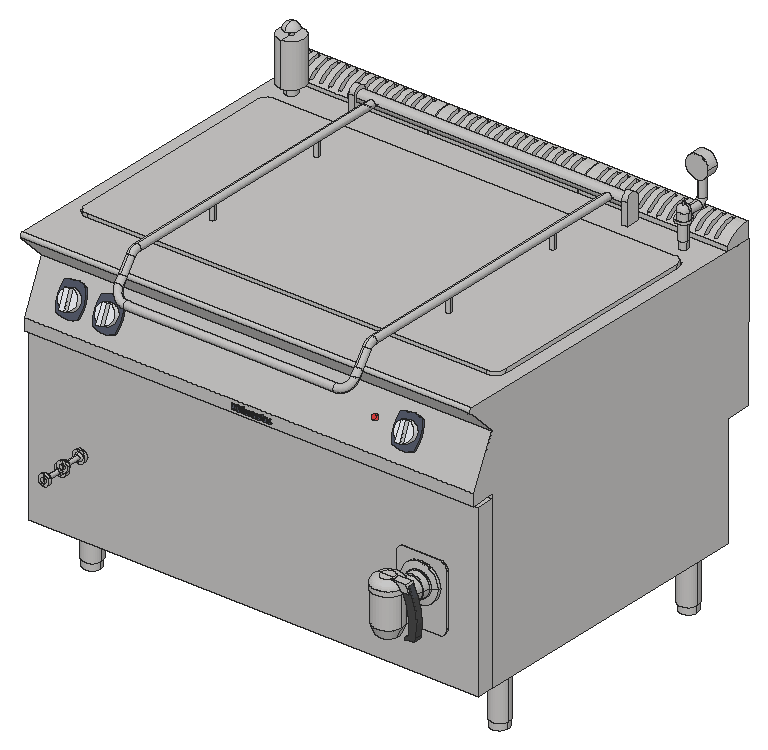
Revit family "QF_ELECTROLUXPROFESSIONAL_391123_E9BSELIUFE", category Specialty Equipment, Revit 2018 (continued)
Lines and regions (mm)
  symbolic lines
    curve 264: arc (1139, -115, 0) -> (1136.313, -104.986, 0) -> (1128.973, -97.664, 0) r 20
    curve 265: arc (1099, -115, 0) -> (1119, -135, 0) -> (1139, -115, 0) r 20
    curve 266: arc (1104, -115, 0) -> (1119, -130, 0) -> (1134, -115, 0) r 15
    curve 267: arc (1134, -115, 0) -> (1119, -100, 0) -> (1104, -115, 0) r 15
    curve 268: line (1089, -40.421, 0) -> (1149, -40.421, 0)
    curve 269: line (1149, -40.421, 0) -> (1149, -69.85, 0)
    curve 270: line (1089, -40.421, 0) -> (1089, -69.85, 0)
    curve 271: line (1109.027, -103.795, 0) -> (1109.027, -69.85, 0)
    curve 272: line (1128.973, -103.795, 0) -> (1128.973, -69.85, 0)
    curve 273: arc (1109.027, -97.664, 0) -> (1101.687, -104.986, 0) -> (1099, -115, 0) r 20
    curve 274: line (294.29, -158.49, 0) -> (905.71, -158.49, 0)
    curve 275: line (275.29, -162.49, 0) -> (66.71, -162.49, 0)
    curve 276: line (905.71, -162.49, 0) -> (294.29, -162.49, 0)
    curve 277: line (924.71, -158.49, 0) -> (1133.29, -158.49, 0)
Dimensions and locks
  equal spacing: plane 3 "LEFT", plane 7 "Center Y", plane 4 "RIGHT"
  "Width": plane 3 "LEFT" to plane 4 "RIGHT"
  equal spacing: plane 5 "FRONT", plane 8 "Center X", plane 1 "BACK"
  "Depth": plane 5 "FRONT" to plane 1 "BACK"
  "Height": plane 6 "TOP" to level
  plane 9 to level = 1734.89 mm  (x2)
  plane 10 to level = 150.0 mm
  plane 1 "BACK" to plane 11 = 130.0 mm
  plane 11 to plane 12 = 630.0 mm
  plane 1 "BACK" to Extrusion 1 = 900.0 mm
  plane 1 "BACK" to plane 13 = 1015.0 mm
  plane 14 to plane 3 "LEFT" = 56.0 mm
  plane 15 to plane 4 "RIGHT" = 56.0 mm
  Revolve 15 to level = 300.0 mm
  Extrusion 41 sketch curve to plane 1 "BACK" = 804.3 mm
  Extrusion 41 sketch curve to plane 4 "RIGHT" = 140.0 mm
  Extrusion 42 sketch curve to plane 1 "BACK" = 704.3 mm
  plane 3 "LEFT" to Extrusion 42 sketch curve = 100.0 mm
  Extrusion 42 sketch curve to plane 1 "BACK" = 804.3 mm
  plane 3 "LEFT" to Extrusion 42 sketch curve = 160.0 mm
  Extrusion 42 to plane 1 "BACK" = 704.3 mm
  Extrusion 42 to plane 1 "BACK" = 804.3 mm
  Extrusion 41 to plane 1 "BACK" = 804.3 mm
  plane 3 "LEFT" to plane 17 = 100.0 mm
  plane 3 "LEFT" to plane 18 = 160.0 mm
  plane 16 to plane 4 "RIGHT" = 140.0 mm
  Extrusion 42 sketch curve to plane 1 "BACK" = 734.3 mm
  plane 3 "LEFT" to Extrusion 42 sketch curve = 140.0 mm
  Extrusion 42 to plane 1 "BACK" = 734.3 mm
  plane 3 "LEFT" to plane 19 = 140.0 mm
  aligned and locked: level to plane 2
  aligned and locked: Extrusion 1 to plane 4 "RIGHT"
Automatic sketch dimensions
  Extrusion 1 sketch curve to plane 6 "TOP" = 0.0 mm
  Extrusion 1 sketch curve to plane 10 = 0.0 mm  (x2)
  Extrusion 1 sketch curve to plane 1 "BACK" = 0.0 mm
  plane 11 to Extrusion 1 sketch curve = 60.0 mm
  Extrusion 1 sketch curve to plane 5 "FRONT" = 78.431 mm
  Extrusion 1 sketch curve to Extrusion 1 sketch curve = 3.175 mm  (x2)
  Extrusion 1 sketch curve to Extrusion 1 sketch curve = 0.442 mm
  Extrusion 1 sketch curve to plane 5 "FRONT" = 72.387 mm
  Extrusion 1 sketch curve to plane 5 "FRONT" = 30.0 mm
  Extrusion 1 sketch curve to plane 5 "FRONT" = 14.69 mm
  Extrusion 1 sketch curve to plane 5 "FRONT" = 7.658 mm
  Extrusion 1 sketch curve to plane 5 "FRONT" = 2.243 mm
  Extrusion 1 sketch curve to Extrusion 1 sketch curve = 299.0 mm
  Extrusion 1 sketch curve to plane 6 "TOP" = 247.929 mm
  Extrusion 1 sketch curve to Extrusion 1 sketch curve = 8.058 mm
  Extrusion 1 sketch curve to Extrusion 1 sketch curve = 9.61 mm
  Extrusion 1 sketch curve to Extrusion 1 sketch curve = 31.298 mm
  Extrusion 1 sketch curve to plane 6 "TOP" = 83.217 mm
  Extrusion 1 sketch curve to plane 6 "TOP" = 13.073 mm
  Revolve 2 sketch curve to plane 10 = 0.0 mm  (x2)
  Revolve 2 sketch curve to level = 0.0 mm
  Revolve 2 sketch curve to plane 14 = 0.0 mm  (x2)
  Revolve 2 sketch curve to plane 14 = 22.9 mm
  Revolve 2 sketch curve to Revolve 2 sketch curve = 2.5 mm
  level to Revolve 2 sketch curve = 19.05 mm
  plane 10 to Revolve 2 sketch curve = 20.0 mm
  Revolve 3 sketch curve to plane 10 = 0.0 mm  (x2)
  Revolve 3 sketch curve to level = 0.0 mm
  Revolve 3 sketch curve to plane 14 = 0.0 mm  (x2)
  Revolve 3 sketch curve to plane 14 = 22.9 mm
  Revolve 3 sketch curve to Revolve 3 sketch curve = 2.5 mm
  level to Revolve 3 sketch curve = 19.05 mm
  plane 10 to Revolve 3 sketch curve = 20.0 mm
  Revolve 4 sketch curve to plane 10 = 0.0 mm  (x2)
  Revolve 4 sketch curve to level = 0.0 mm
  plane 15 to Revolve 4 sketch curve = 0.0 mm  (x2)
  Revolve 4 sketch curve to plane 15 = 22.9 mm
  Revolve 4 sketch curve to Revolve 4 sketch curve = 2.5 mm
  Revolve 4 sketch curve to Revolve 4 sketch curve = 20.0 mm
  level to Revolve 4 sketch curve = 19.05 mm
  Revolve 5 sketch curve to plane 10 = 0.0 mm  (x2)
  Revolve 5 sketch curve to level = 0.0 mm
  plane 15 to Revolve 5 sketch curve = 0.0 mm  (x2)
  Revolve 5 sketch curve to plane 15 = 22.9 mm
  Revolve 5 sketch curve to Revolve 5 sketch curve = 2.5 mm
  Revolve 5 sketch curve to Revolve 5 sketch curve = 20.0 mm
  level to Revolve 5 sketch curve = 19.05 mm
  Extrusion 6 sketch curve to plane 6 "TOP" = 0.0 mm
  Extrusion 6 sketch curve to plane 1 "BACK" = 0.0 mm
  plane 1 "BACK" to Extrusion 6 sketch curve = 4.947 mm
  plane 6 "TOP" to Extrusion 6 sketch curve = 10.4 mm
  plane 11 to Extrusion 6 sketch curve = 60.15 mm
  Extrusion 6 sketch curve to plane 6 "TOP" = 39.807 mm
  plane 1 "BACK" to Extrusion 7 sketch curve = 6.761 mm  (x14)
  Extrusion 7 sketch curve to Extrusion 7 sketch curve = 57.15 mm
  Extrusion 7 sketch curve to Extrusion 7 sketch curve = 0.0 mm  (x13)
  Extrusion 7 sketch curve to Extrusion 7 sketch curve = 16.193 mm  (x13)
  Extrusion 7 sketch curve to Extrusion 7 sketch curve = 9.296 mm  (x13)
  plane 14 to Extrusion 7 sketch curve = 8.487 mm
  Extrusion 7 sketch curve to plane 14 = 0.809 mm
  Extrusion 8 sketch curve to Extrusion 8 sketch curve = 0.0 mm  (x6)
  plane 14 to Extrusion 8 sketch curve = 16.596 mm
  Extrusion 8 sketch curve to Extrusion 8 sketch curve = 12.3 mm  (x9)
  Extrusion 8 sketch curve to Extrusion 8 sketch curve = 34.925 mm  (x5)
  Extrusion 8 sketch curve to plane 14 = 9.131 mm
  Extrusion 8 sketch curve to Extrusion 8 sketch curve = 46.691 mm  (x3)
  plane 14 to Extrusion 8 sketch curve = 17.214 mm
  Extrusion 8 sketch curve to Extrusion 8 sketch curve = 25.727 mm  (x2)
  Extrusion 8 sketch curve to Extrusion 8 sketch curve = 29.185 mm  (x2)
  Extrusion 8 sketch curve to Extrusion 8 sketch curve = 25.114 mm
  Extrusion 8 sketch curve to Extrusion 8 sketch curve = 15.898 mm
  Extrusion 9 sketch curve to Extrusion 9 sketch curve = 0.0 mm  (x2)
  Extrusion 9 sketch curve to Extrusion 9 sketch curve = 99.33 mm
  Extrusion 10 sketch curve to Extrusion 10 sketch curve = 24.732 mm  (x3)
  Extrusion 10 sketch curve to Extrusion 10 sketch curve = 0.0 mm  (x3)
  plane 7 "Center Y" to Extrusion 11 sketch curve = 312.108 mm
  Split face 1 sketch curve to Split face 1 sketch curve = 5.221 mm
  Split face 1 sketch curve to Split face 1 sketch curve = 11.424 mm
  Split face 1 sketch curve to Split face 1 sketch curve = 20.127 mm
  Split face 1 sketch curve to Split face 1 sketch curve = 0.0 mm  (x2)
  Split face 1 sketch curve to Split face 1 sketch curve = 0.581 mm
  Split face 1 sketch curve to Split face 1 sketch curve = 0.679 mm
  Split face 1 sketch curve to Split face 1 sketch curve = 15.469 mm
  Split face 2 sketch curve to Split face 2 sketch curve = 5.221 mm
  Split face 2 sketch curve to Split face 2 sketch curve = 11.424 mm
  Split face 2 sketch curve to Split face 2 sketch curve = 20.127 mm
  Split face 2 sketch curve to Split face 2 sketch curve = 0.0 mm  (x2)
  Split face 2 sketch curve to Split face 2 sketch curve = 0.581 mm
  Split face 2 sketch curve to Split face 2 sketch curve = 0.679 mm
  Split face 2 sketch curve to Split face 2 sketch curve = 15.469 mm
  plane 7 "Center Y" to Extrusion 12 sketch curve = 26.292 mm
  Extrusion 12 sketch curve to plane 6 "TOP" = 237.067 mm
  Extrusion 12 sketch curve to plane 7 "Center Y" = 8.807 mm
  Extrusion 12 sketch curve to Extrusion 12 sketch curve = 5.041 mm
  Extrusion 12 sketch curve to Extrusion 12 sketch curve = 5.06 mm
  plane 7 "Center Y" to Extrusion 12 sketch curve = 0.301 mm
  Extrusion 12 sketch curve to Extrusion 12 sketch curve = 0.0 mm  (x28)
  Extrusion 12 sketch curve to Extrusion 12 sketch curve = 5.108 mm  (x2)
  Extrusion 12 sketch curve to Extrusion 12 sketch curve = 0.054 mm
  Extrusion 12 sketch curve to Extrusion 12 sketch curve = 0.218 mm
  Extrusion 12 sketch curve to Extrusion 12 sketch curve = 0.195 mm
  Extrusion 12 sketch curve to Extrusion 12 sketch curve = 0.249 mm
  Extrusion 12 sketch curve to Extrusion 12 sketch curve = 0.316 mm
  Extrusion 12 sketch curve to Extrusion 12 sketch curve = 0.087 mm
  Extrusion 12 sketch curve to Extrusion 12 sketch curve = 0.358 mm
  Extrusion 12 sketch curve to Extrusion 12 sketch curve = 0.481 mm
  Extrusion 12 sketch curve to Extrusion 12 sketch curve = 0.597 mm
  Extrusion 12 sketch curve to Extrusion 12 sketch curve = 0.544 mm
  Extrusion 12 sketch curve to Extrusion 12 sketch curve = 0.936 mm
  Extrusion 12 sketch curve to Extrusion 12 sketch curve = 0.594 mm
  Extrusion 12 sketch curve to Extrusion 12 sketch curve = 0.343 mm
  Extrusion 12 sketch curve to Extrusion 12 sketch curve = 0.159 mm
  Extrusion 12 sketch curve to Extrusion 12 sketch curve = 0.826 mm
  Extrusion 12 sketch curve to Extrusion 12 sketch curve = 0.839 mm
  Extrusion 12 sketch curve to Extrusion 12 sketch curve = 0.852 mm
  Extrusion 12 sketch curve to Extrusion 12 sketch curve = 0.887 mm
  Extrusion 12 sketch curve to Extrusion 12 sketch curve = 0.928 mm
  Extrusion 12 sketch curve to Extrusion 12 sketch curve = 0.938 mm
  Extrusion 12 sketch curve to Extrusion 12 sketch curve = 0.444 mm
  Extrusion 12 sketch curve to Extrusion 12 sketch curve = 1.11 mm  (x3)
  plane 7 "Center Y" to Extrusion 12 sketch curve = 48.726 mm
  Extrusion 12 sketch curve to Extrusion 12 sketch curve = 0.215 mm
  Extrusion 12 sketch curve to Extrusion 12 sketch curve = 1.43 mm
  Extrusion 12 sketch curve to Extrusion 12 sketch curve = 1.188 mm
  Extrusion 12 sketch curve to Extrusion 12 sketch curve = 1.21 mm  (x2)
  Extrusion 12 sketch curve to Extrusion 12 sketch curve = 0.503 mm
  plane 7 "Center Y" to Extrusion 12 sketch curve = 53.995 mm
  Extrusion 12 sketch curve to Extrusion 12 sketch curve = 0.488 mm
  plane 7 "Center Y" to Extrusion 12 sketch curve = 57.922 mm
  Extrusion 12 sketch curve to Extrusion 12 sketch curve = 0.462 mm
  Extrusion 12 sketch curve to Extrusion 12 sketch curve = 1.386 mm
  Extrusion 12 sketch curve to Extrusion 12 sketch curve = 1.742 mm
  Extrusion 12 sketch curve to Extrusion 12 sketch curve = 0.821 mm
  Extrusion 12 sketch curve to Extrusion 12 sketch curve = 0.497 mm
  Extrusion 12 sketch curve to Extrusion 12 sketch curve = 0.539 mm
  Extrusion 12 sketch curve to Extrusion 12 sketch curve = 0.686 mm
  Extrusion 12 sketch curve to Extrusion 12 sketch curve = 0.408 mm
  Extrusion 12 sketch curve to Extrusion 12 sketch curve = 0.743 mm
  Extrusion 12 sketch curve to Extrusion 12 sketch curve = 1.16 mm
  Extrusion 12 sketch curve to Extrusion 12 sketch curve = 0.329 mm
  Extrusion 12 sketch curve to Extrusion 12 sketch curve = 1.054 mm
  Extrusion 12 sketch curve to Extrusion 12 sketch curve = 1.056 mm
  Extrusion 12 sketch curve to Extrusion 12 sketch curve = 0.129 mm
  Extrusion 12 sketch curve to Extrusion 12 sketch curve = 0.489 mm
  Extrusion 12 sketch curve to Extrusion 12 sketch curve = 0.441 mm
  Extrusion 12 sketch curve to Extrusion 12 sketch curve = 1.151 mm
  Extrusion 12 sketch curve to Extrusion 12 sketch curve = 1.141 mm  (x2)
  Extrusion 12 sketch curve to Extrusion 12 sketch curve = 0.768 mm
  Extrusion 12 sketch curve to Extrusion 12 sketch curve = 1.653 mm
  Extrusion 12 sketch curve to Extrusion 12 sketch curve = 0.499 mm
  Extrusion 12 sketch curve to Extrusion 12 sketch curve = 0.964 mm
  Extrusion 12 sketch curve to Extrusion 12 sketch curve = 0.949 mm
  Extrusion 12 sketch curve to Extrusion 12 sketch curve = 1.345 mm  (x3)
  Extrusion 12 sketch curve to Extrusion 12 sketch curve = 1.101 mm
  Extrusion 12 sketch curve to Extrusion 12 sketch curve = 0.432 mm
  Extrusion 12 sketch curve to Extrusion 12 sketch curve = 1.142 mm
  Extrusion 12 sketch curve to Extrusion 12 sketch curve = 0.959 mm
  Extrusion 12 sketch curve to Extrusion 12 sketch curve = 0.176 mm
  Extrusion 12 sketch curve to Extrusion 12 sketch curve = 0.728 mm
  Extrusion 12 sketch curve to Extrusion 12 sketch curve = 3.375 mm  (x2)
  Extrusion 12 sketch curve to Extrusion 12 sketch curve = 0.541 mm
  Extrusion 12 sketch curve to Extrusion 12 sketch curve = 0.955 mm
  Extrusion 12 sketch curve to Extrusion 12 sketch curve = 1.251 mm
  Extrusion 12 sketch curve to Extrusion 12 sketch curve = 0.572 mm
  plane 7 "Center Y" to Extrusion 12 sketch curve = 52.619 mm
  Extrusion 12 sketch curve to Extrusion 12 sketch curve = 1.92 mm
  Extrusion 12 sketch curve to Extrusion 12 sketch curve = 1.224 mm
  Extrusion 12 sketch curve to Extrusion 12 sketch curve = 0.745 mm
  plane 7 "Center Y" to Extrusion 12 sketch curve = 0.873 mm
  Extrusion 12 sketch curve to Extrusion 12 sketch curve = 2.537 mm
  Extrusion 12 sketch curve to Extrusion 12 sketch curve = 0.896 mm  (x3)
  Extrusion 12 sketch curve to Extrusion 12 sketch curve = 0.036 mm
  Extrusion 12 sketch curve to Extrusion 12 sketch curve = 2.607 mm
  Extrusion 12 sketch curve to Extrusion 12 sketch curve = 0.066 mm
  Extrusion 12 sketch curve to Extrusion 12 sketch curve = 0.248 mm
  Extrusion 12 sketch curve to Extrusion 12 sketch curve = 0.449 mm
  plane 7 "Center Y" to Extrusion 12 sketch curve = 51.838 mm
  Extrusion 12 sketch curve to Extrusion 12 sketch curve = 1.052 mm
  Extrusion 12 sketch curve to Extrusion 12 sketch curve = 1.863 mm
  Extrusion 12 sketch curve to Extrusion 12 sketch curve = 1.31 mm  (x2)
  Extrusion 12 sketch curve to Extrusion 12 sketch curve = 0.901 mm
  Extrusion 12 sketch curve to Extrusion 12 sketch curve = 1.107 mm
  Extrusion 12 sketch curve to Extrusion 12 sketch curve = 2.122 mm
  Extrusion 12 sketch curve to Extrusion 12 sketch curve = 2.101 mm
  Extrusion 12 sketch curve to Extrusion 12 sketch curve = 0.106 mm
  Extrusion 12 sketch curve to Extrusion 12 sketch curve = 0.029 mm
  plane 7 "Center Y" to Extrusion 12 sketch curve = 54.641 mm
  Extrusion 12 sketch curve to Extrusion 12 sketch curve = 2.09 mm
  Extrusion 12 sketch curve to plane 7 "Center Y" = 0.728 mm
  Extrusion 12 sketch curve to Extrusion 12 sketch curve = 1.279 mm
  Extrusion 12 sketch curve to Extrusion 12 sketch curve = 2.008 mm
  Extrusion 12 sketch curve to Extrusion 12 sketch curve = 0.738 mm
  Extrusion 12 sketch curve to Extrusion 12 sketch curve = 0.382 mm
  Extrusion 12 sketch curve to Extrusion 12 sketch curve = 0.384 mm
  Extrusion 12 sketch curve to Extrusion 12 sketch curve = 0.002 mm
  Extrusion 12 sketch curve to Extrusion 12 sketch curve = 0.561 mm
  Extrusion 12 sketch curve to Extrusion 12 sketch curve = 0.592 mm
  Extrusion 12 sketch curve to Extrusion 12 sketch curve = 2.692 mm
  Extrusion 12 sketch curve to Extrusion 12 sketch curve = 1.259 mm
  plane 7 "Center Y" to Extrusion 12 sketch curve = 53.858 mm
  Extrusion 12 sketch curve to Extrusion 12 sketch curve = 0.802 mm
  Extrusion 12 sketch curve to Extrusion 12 sketch curve = 1.024 mm
  Extrusion 12 sketch curve to Extrusion 12 sketch curve = 0.682 mm
  Extrusion 12 sketch curve to Extrusion 12 sketch curve = 5.934 mm
  Extrusion 12 sketch curve to Extrusion 12 sketch curve = 2.186 mm
  Extrusion 12 sketch curve to Extrusion 12 sketch curve = 0.337 mm
  Extrusion 12 sketch curve to Extrusion 12 sketch curve = 0.021 mm
  Extrusion 12 sketch curve to Extrusion 12 sketch curve = 1.005 mm
  Extrusion 12 sketch curve to Extrusion 12 sketch curve = 0.552 mm
  Extrusion 12 sketch curve to Extrusion 12 sketch curve = 0.778 mm
  Extrusion 12 sketch curve to Extrusion 12 sketch curve = 0.063 mm
  Extrusion 12 sketch curve to Extrusion 12 sketch curve = 1.023 mm
  Extrusion 12 sketch curve to Extrusion 12 sketch curve = 3.804 mm
  Extrusion 12 sketch curve to Extrusion 12 sketch curve = 0.486 mm
  Extrusion 12 sketch curve to Extrusion 12 sketch curve = 0.266 mm
  Extrusion 12 sketch curve to Extrusion 12 sketch curve = 1.547 mm
  Extrusion 12 sketch curve to Extrusion 12 sketch curve = 0.717 mm  (x2)
  Extrusion 12 sketch curve to Extrusion 12 sketch curve = 1.667 mm
  plane 7 "Center Y" to Extrusion 12 sketch curve = 49.532 mm
  Extrusion 12 sketch curve to Extrusion 12 sketch curve = 3.174 mm
  Extrusion 12 sketch curve to Extrusion 12 sketch curve = 0.388 mm
  Extrusion 12 sketch curve to Extrusion 12 sketch curve = 1.342 mm
  plane 7 "Center Y" to Extrusion 12 sketch curve = 55.135 mm
  Extrusion 12 sketch curve to Extrusion 12 sketch curve = 1.521 mm
  plane 7 "Center Y" to Extrusion 12 sketch curve = 56.694 mm
  Extrusion 12 sketch curve to Extrusion 12 sketch curve = 0.124 mm
  Extrusion 12 sketch curve to Extrusion 12 sketch curve = 0.291 mm
  plane 7 "Center Y" to Extrusion 12 sketch curve = 12.285 mm
  Extrusion 12 sketch curve to Extrusion 12 sketch curve = 1.049 mm  (x2)
  plane 7 "Center Y" to Extrusion 12 sketch curve = 52.668 mm
  Extrusion 12 sketch curve to Extrusion 12 sketch curve = 1.7 mm
  Extrusion 12 sketch curve to Extrusion 12 sketch curve = 0.894 mm
  Extrusion 12 sketch curve to Extrusion 12 sketch curve = 0.989 mm
  Extrusion 12 sketch curve to Extrusion 12 sketch curve = 1.168 mm
  Extrusion 12 sketch curve to Extrusion 12 sketch curve = 1.594 mm
  Extrusion 12 sketch curve to Extrusion 12 sketch curve = 0.731 mm
  Extrusion 12 sketch curve to Extrusion 12 sketch curve = 1.566 mm
  Extrusion 12 sketch curve to Extrusion 12 sketch curve = 0.064 mm
  plane 7 "Center Y" to Extrusion 12 sketch curve = 12.842 mm
  Extrusion 12 sketch curve to Extrusion 12 sketch curve = 0.556 mm
  Extrusion 12 sketch curve to Extrusion 12 sketch curve = 0.48 mm
  Extrusion 12 sketch curve to Extrusion 12 sketch curve = 0.228 mm
  Extrusion 12 sketch curve to Extrusion 12 sketch curve = 1.018 mm
  plane 7 "Center Y" to Extrusion 12 sketch curve = 42.429 mm
  Extrusion 12 sketch curve to Extrusion 12 sketch curve = 0.787 mm
  Extrusion 12 sketch curve to Extrusion 12 sketch curve = 0.618 mm
  plane 7 "Center Y" to Extrusion 12 sketch curve = 47.486 mm
  Extrusion 12 sketch curve to Extrusion 12 sketch curve = 1.672 mm
  plane 7 "Center Y" to Extrusion 12 sketch curve = 58.436 mm
  Extrusion 12 sketch curve to Extrusion 12 sketch curve = 1.361 mm
  Extrusion 12 sketch curve to Extrusion 12 sketch curve = 0.822 mm
  Extrusion 12 sketch curve to Extrusion 12 sketch curve = 0.069 mm
  Extrusion 12 sketch curve to Extrusion 12 sketch curve = 1.88 mm
  plane 7 "Center Y" to Extrusion 12 sketch curve = 40.269 mm
  Extrusion 12 sketch curve to Extrusion 12 sketch curve = 0.42 mm
  Extrusion 12 sketch curve to Extrusion 12 sketch curve = 0.062 mm
  Extrusion 12 sketch curve to Extrusion 12 sketch curve = 1.355 mm
  Extrusion 12 sketch curve to Extrusion 12 sketch curve = 2.34 mm
  Extrusion 12 sketch curve to Extrusion 12 sketch curve = 0.493 mm
  Extrusion 12 sketch curve to Extrusion 12 sketch curve = 0.136 mm
  Extrusion 12 sketch curve to Extrusion 12 sketch curve = 0.128 mm
  Extrusion 12 sketch curve to Extrusion 12 sketch curve = 3.616 mm
  Extrusion 12 sketch curve to Extrusion 12 sketch curve = 4.207 mm
  Extrusion 12 sketch curve to Extrusion 12 sketch curve = 0.183 mm
  Extrusion 12 sketch curve to Extrusion 12 sketch curve = 0.895 mm
  Extrusion 12 sketch curve to Extrusion 12 sketch curve = 1.314 mm
  Extrusion 12 sketch curve to Extrusion 12 sketch curve = 3.231 mm
  Extrusion 12 sketch curve to plane 7 "Center Y" = 18.526 mm
  Extrusion 12 sketch curve to Extrusion 12 sketch curve = 1.299 mm
  Extrusion 12 sketch curve to Extrusion 12 sketch curve = 1.214 mm
  plane 7 "Center Y" to Extrusion 12 sketch curve = 31.369 mm
  Extrusion 12 sketch curve to Extrusion 12 sketch curve = 1.264 mm
  Extrusion 12 sketch curve to Extrusion 12 sketch curve = 0.109 mm
  Extrusion 12 sketch curve to Extrusion 12 sketch curve = 0.357 mm
  Extrusion 12 sketch curve to Extrusion 12 sketch curve = 0.565 mm
  Extrusion 12 sketch curve to Extrusion 12 sketch curve = 2.504 mm
  Extrusion 12 sketch curve to Extrusion 12 sketch curve = 2.459 mm
  Extrusion 12 sketch curve to Extrusion 12 sketch curve = 0.983 mm
  Extrusion 12 sketch curve to Extrusion 12 sketch curve = 0.422 mm
  Extrusion 12 sketch curve to Extrusion 12 sketch curve = 1.268 mm
  Extrusion 12 sketch curve to Extrusion 12 sketch curve = 0.671 mm
  Extrusion 12 sketch curve to Extrusion 12 sketch curve = 1.634 mm
  Extrusion 12 sketch curve to Extrusion 12 sketch curve = 0.132 mm
  Extrusion 12 sketch curve to Extrusion 12 sketch curve = 0.586 mm
  Extrusion 12 sketch curve to Extrusion 12 sketch curve = 1.241 mm
  Extrusion 12 sketch curve to Extrusion 12 sketch curve = 1.689 mm
  Extrusion 12 sketch curve to Extrusion 12 sketch curve = 0.627 mm
  Extrusion 12 sketch curve to Extrusion 12 sketch curve = 0.419 mm
  Extrusion 12 sketch curve to Extrusion 12 sketch curve = 1.514 mm
  Extrusion 12 sketch curve to Extrusion 12 sketch curve = 1.019 mm
  Extrusion 12 sketch curve to Extrusion 12 sketch curve = 0.065 mm
  Extrusion 12 sketch curve to Extrusion 12 sketch curve = 1.215 mm
  Extrusion 12 sketch curve to Extrusion 12 sketch curve = 1.122 mm
  Extrusion 12 sketch curve to Extrusion 12 sketch curve = 1.153 mm
  Extrusion 12 sketch curve to Extrusion 12 sketch curve = 1.223 mm
  Extrusion 12 sketch curve to Extrusion 12 sketch curve = 0.934 mm
  Extrusion 12 sketch curve to Extrusion 12 sketch curve = 3.376 mm
  Extrusion 12 sketch curve to Extrusion 12 sketch curve = 0.222 mm
  Extrusion 12 sketch curve to Extrusion 12 sketch curve = 1.383 mm
  Extrusion 12 sketch curve to Extrusion 12 sketch curve = 1.556 mm
  Extrusion 12 sketch curve to Extrusion 12 sketch curve = 2.559 mm
  Extrusion 12 sketch curve to Extrusion 12 sketch curve = 2.51 mm
  Extrusion 12 sketch curve to Extrusion 12 sketch curve = 0.131 mm
  Extrusion 12 sketch curve to Extrusion 12 sketch curve = 1.134 mm
  Extrusion 12 sketch curve to Extrusion 12 sketch curve = 0.366 mm
  Extrusion 12 sketch curve to Extrusion 12 sketch curve = 0.094 mm
  Extrusion 12 sketch curve to Extrusion 12 sketch curve = 1.584 mm
  Extrusion 12 sketch curve to Extrusion 12 sketch curve = 1.501 mm
  Extrusion 12 sketch curve to Extrusion 12 sketch curve = 0.27 mm
  Extrusion 12 sketch curve to Extrusion 12 sketch curve = 1.808 mm
  Extrusion 12 sketch curve to Extrusion 12 sketch curve = 0.643 mm
  Extrusion 12 sketch curve to Extrusion 12 sketch curve = 0.916 mm
  Extrusion 12 sketch curve to Extrusion 12 sketch curve = 0.458 mm
  Extrusion 12 sketch curve to Extrusion 12 sketch curve = 0.352 mm
  Extrusion 12 sketch curve to Extrusion 12 sketch curve = 0.685 mm
  Extrusion 12 sketch curve to Extrusion 12 sketch curve = 0.905 mm
  Extrusion 12 sketch curve to Extrusion 12 sketch curve = 1.477 mm
  Extrusion 12 sketch curve to Extrusion 12 sketch curve = 0.472 mm
  Extrusion 12 sketch curve to Extrusion 12 sketch curve = 0.101 mm
  Extrusion 12 sketch curve to Extrusion 12 sketch curve = 0.54 mm
  Extrusion 12 sketch curve to Extrusion 12 sketch curve = 0.02 mm
  Extrusion 12 sketch curve to Extrusion 12 sketch curve = 0.829 mm
  Extrusion 12 sketch curve to Extrusion 12 sketch curve = 0.582 mm
  Extrusion 12 sketch curve to Extrusion 12 sketch curve = 0.166 mm
  Extrusion 12 sketch curve to Extrusion 12 sketch curve = 0.16 mm
  Extrusion 12 sketch curve to Extrusion 12 sketch curve = 1.118 mm
  Extrusion 12 sketch curve to Extrusion 12 sketch curve = 0.613 mm
  Extrusion 12 sketch curve to Extrusion 12 sketch curve = 0.781 mm
  Extrusion 12 sketch curve to Extrusion 12 sketch curve = 0.361 mm
  Extrusion 12 sketch curve to Extrusion 12 sketch curve = 0.897 mm
  Extrusion 12 sketch curve to Extrusion 12 sketch curve = 0.167 mm
  Extrusion 12 sketch curve to Extrusion 12 sketch curve = 0.292 mm
  Extrusion 12 sketch curve to Extrusion 12 sketch curve = 0.305 mm
  Extrusion 12 sketch curve to Extrusion 12 sketch curve = 1.557 mm
  Extrusion 12 sketch curve to Extrusion 12 sketch curve = 2.499 mm
  Extrusion 12 sketch curve to Extrusion 12 sketch curve = 3.062 mm
  Extrusion 12 sketch curve to Extrusion 12 sketch curve = 2.968 mm
  Extrusion 12 sketch curve to Extrusion 12 sketch curve = 5.044 mm
  Extrusion 12 sketch curve to Extrusion 12 sketch curve = 0.629 mm  (x2)
  Extrusion 12 sketch curve to Extrusion 12 sketch curve = 1.131 mm
  Extrusion 12 sketch curve to Extrusion 12 sketch curve = 0.137 mm
  Extrusion 12 sketch curve to Extrusion 12 sketch curve = 0.027 mm
  Extrusion 12 sketch curve to Extrusion 12 sketch curve = 2.046 mm
  Extrusion 12 sketch curve to Extrusion 12 sketch curve = 2.235 mm
  plane 10 to Extrusion 13 sketch curve = 111.296 mm
  Extrusion 13 sketch curve to Extrusion 13 sketch curve = 20.0 mm  (x3)
  Extrusion 13 sketch curve to Extrusion 13 sketch curve = 140.0 mm
  Extrusion 13 sketch curve to Extrusion 13 sketch curve = 0.0 mm
  Revolve 14 sketch curve to plane 5 "FRONT" = 26.761 mm
  Revolve 14 sketch curve to plane 5 "FRONT" = 1.761 mm
  Revolve 14 sketch curve to Revolve 14 sketch curve = 0.0 mm
  Revolve 14 sketch curve to Revolve 14 sketch curve = 27.31 mm
  Revolve 14 sketch curve to Revolve 14 sketch curve = 4.21 mm
  Revolve 14 sketch curve to Revolve 14 sketch curve = 2.04 mm
  plane 5 "FRONT" to Revolve 14 sketch curve = 4.737 mm
  Revolve 14 sketch curve to plane 13 = 22.744 mm
  Revolve 14 sketch curve to plane 5 "FRONT" = 13.787 mm
  Revolve 14 sketch curve to Revolve 14 sketch curve = 2.899 mm
  Revolve 14 sketch curve to Revolve 14 sketch curve = 6.479 mm
  Revolve 14 sketch curve to Revolve 14 sketch curve = 15.0 mm
  Revolve 15 sketch curve to Revolve 15 sketch curve = 0.0 mm
  Revolve 15 sketch curve to Revolve 15 sketch curve = 20.039 mm
  Revolve 15 sketch curve to Revolve 15 sketch curve = 26.476 mm
  Revolve 15 sketch curve to Revolve 15 sketch curve = 17.448 mm
  Revolve 15 sketch curve to Revolve 15 sketch curve = 3.622 mm
  plane 10 to Revolve 15 sketch curve = 140.66 mm
  Revolve 15 sketch curve to Revolve 15 sketch curve = 9.34 mm
  Revolve 15 sketch curve to Revolve 15 sketch curve = 25.0 mm
  Revolve 15 sketch curve to Revolve 15 sketch curve = 83.963 mm
  Revolve 15 sketch curve to Revolve 15 sketch curve = 7.566 mm
  Revolve 15 sketch curve to Revolve 15 sketch curve = 12.044 mm
  Revolve 15 sketch curve to Revolve 15 sketch curve = 22.59 mm
  Extrusion 17 sketch curve to Extrusion 17 sketch curve = 12.717 mm
  Extrusion 17 sketch curve to Extrusion 17 sketch curve = 12.702 mm
  Extrusion 17 sketch curve to Extrusion 17 sketch curve = 21.173 mm
  plane 10 to Extrusion 17 sketch curve = 254.162 mm
  Extrusion 17 sketch curve to Extrusion 17 sketch curve = 0.322 mm
  plane 5 "FRONT" to Revolve 18 sketch curve = 35.345 mm
  Revolve 18 sketch curve to Revolve 18 sketch curve = 2.482 mm
  Revolve 18 sketch curve to Revolve 18 sketch curve = 5.0 mm  (x2)
  Revolve 18 sketch curve to plane 5 "FRONT" = 17.456 mm
  Revolve 18 sketch curve to Revolve 18 sketch curve = 5.316 mm
  Revolve 18 sketch curve to Revolve 18 sketch curve = 3.012 mm
  Revolve 18 sketch curve to Revolve 18 sketch curve = 4.216 mm
  Revolve 18 sketch curve to Revolve 18 sketch curve = 0.0 mm  (x2)
  Revolve 18 sketch curve to Revolve 18 sketch curve = 4.148 mm
  plane 10 to Revolve 18 sketch curve = 187.629 mm
  Revolve 18 sketch curve to Revolve 18 sketch curve = 1.968 mm
  Revolve 18 sketch curve to Revolve 18 sketch curve = 3.253 mm
  Revolve 18 sketch curve to Revolve 18 sketch curve = 6.355 mm
  Revolve 18 sketch curve to Revolve 18 sketch curve = 4.305 mm
  Revolve 18 sketch curve to Revolve 18 sketch curve = 8.693 mm
  Revolve 18 sketch curve to Revolve 18 sketch curve = 0.862 mm
  plane 5 "FRONT" to Revolve 19 sketch curve = 35.345 mm
  Revolve 19 sketch curve to Revolve 19 sketch curve = 2.482 mm
  Revolve 19 sketch curve to Revolve 19 sketch curve = 5.0 mm  (x2)
  Revolve 19 sketch curve to plane 5 "FRONT" = 17.456 mm
  Revolve 19 sketch curve to Revolve 19 sketch curve = 5.316 mm
  Revolve 19 sketch curve to Revolve 19 sketch curve = 3.012 mm
  Revolve 19 sketch curve to Revolve 19 sketch curve = 4.216 mm
  Revolve 19 sketch curve to Revolve 19 sketch curve = 0.0 mm  (x2)
  Revolve 19 sketch curve to Revolve 19 sketch curve = 4.148 mm
  plane 10 to Revolve 19 sketch curve = 138.132 mm
  Revolve 19 sketch curve to Revolve 19 sketch curve = 1.968 mm
  Revolve 19 sketch curve to Revolve 19 sketch curve = 3.253 mm
  Revolve 19 sketch curve to Revolve 19 sketch curve = 6.355 mm
  Revolve 19 sketch curve to Revolve 19 sketch curve = 4.305 mm
  Revolve 19 sketch curve to Revolve 19 sketch curve = 8.693 mm
  Revolve 19 sketch curve to Revolve 19 sketch curve = 0.862 mm
  Extrusion 20 sketch curve to plane 6 "TOP" = 0.0 mm
  Extrusion 20 sketch curve to plane 1 "BACK" = 0.0 mm
  plane 1 "BACK" to Extrusion 20 sketch curve = 4.947 mm
  plane 6 "TOP" to Extrusion 20 sketch curve = 10.4 mm
  plane 11 to Extrusion 20 sketch curve = 60.15 mm
  Extrusion 20 sketch curve to plane 6 "TOP" = 39.807 mm
  plane 1 "BACK" to Extrusion 21 sketch curve = 6.761 mm  (x14)
  plane 7 "Center Y" to Extrusion 21 sketch curve = 17.417 mm
  Extrusion 21 sketch curve to Extrusion 21 sketch curve = 57.15 mm
  Extrusion 21 sketch curve to plane 7 "Center Y" = 8.071 mm
  Extrusion 21 sketch curve to Extrusion 21 sketch curve = 0.0 mm  (x13)
  Extrusion 21 sketch curve to Extrusion 21 sketch curve = 9.296 mm  (x13)
  Extrusion 21 sketch curve to Extrusion 21 sketch curve = 16.193 mm  (x12)
  plane 7 "Center Y" to Extrusion 21 sketch curve = 8.121 mm
  Extrusion 22 sketch curve to plane 6 "TOP" = 0.0 mm
  Extrusion 22 sketch curve to plane 1 "BACK" = 0.0 mm
  plane 1 "BACK" to Extrusion 22 sketch curve = 4.947 mm
  plane 6 "TOP" to Extrusion 22 sketch curve = 10.4 mm
  plane 11 to Extrusion 22 sketch curve = 60.15 mm
  Extrusion 22 sketch curve to plane 6 "TOP" = 39.807 mm
  plane 1 "BACK" to Extrusion 23 sketch curve = 6.761 mm  (x14)
  Extrusion 23 sketch curve to Extrusion 23 sketch curve = 57.15 mm
  Extrusion 23 sketch curve to Extrusion 23 sketch curve = 0.0 mm  (x13)
  Extrusion 23 sketch curve to plane 15 = 0.859 mm
  Extrusion 23 sketch curve to Extrusion 23 sketch curve = 16.193 mm  (x13)
  Extrusion 23 sketch curve to Extrusion 23 sketch curve = 9.296 mm  (x13)
  plane 15 to Extrusion 23 sketch curve = 8.437 mm
  Extrusion 24 sketch curve to plane 6 "TOP" = 0.0 mm
  plane 11 to Extrusion 24 sketch curve = 12.5 mm
  Extrusion 24 sketch curve to Extrusion 24 sketch curve = 17.394 mm
  plane 6 "TOP" to Extrusion 24 sketch curve = 57.07 mm
  Extrusion 25 sketch curve to plane 6 "TOP" = 0.0 mm
  plane 11 to Extrusion 25 sketch curve = 12.5 mm
  Extrusion 25 sketch curve to Extrusion 25 sketch curve = 17.394 mm
  plane 6 "TOP" to Extrusion 25 sketch curve = 57.07 mm
  Extrusion 26 sketch curve to plane 14 = 9.29 mm
  plane 14 to Extrusion 26 sketch curve = 10.71 mm  (x2)
  Extrusion 26 sketch curve to plane 12 = 0.931 mm
  plane 15 to Extrusion 26 sketch curve = 10.71 mm  (x2)
  Extrusion 26 sketch curve to plane 15 = 9.29 mm
  Extrusion 26 sketch curve to plane 11 = 60.49 mm
  Extrusion 27 sketch curve to plane 12 = 0.931 mm
  Extrusion 27 sketch curve to plane 14 = 21.29 mm
  plane 14 to Extrusion 27 sketch curve = 10.71 mm  (x2)
  plane 15 to Extrusion 27 sketch curve = 10.71 mm  (x2)
  Extrusion 27 sketch curve to plane 15 = 21.29 mm
  Extrusion 27 sketch curve to plane 11 = 60.49 mm
  Extrusion 28 sketch curve to Extrusion 28 sketch curve = 28.0 mm
  Extrusion 28 sketch curve to Extrusion 27 = 32.0 mm
  plane 11 to Extrusion 29 sketch curve = 29.894 mm
  plane 6 "TOP" to Extrusion 29 sketch curve = 50.961 mm
  plane 6 "TOP" to Sweep 30 sketch curve = 4.25 mm
  plane 5 "FRONT" to Sweep 30 sketch curve = 13.879 mm
  Sweep 30 sketch curve to plane 5 "FRONT" = 12.572 mm
  Sweep 30 sketch curve to Sweep 30 sketch curve = 20.225 mm
  plane 11 to Sweep 30 sketch curve = 29.894 mm
  plane 6 "TOP" to Sweep 30 sketch curve = 25.961 mm
  Sweep 30 sketch curve to Sweep 30 sketch curve = 14.695 mm
  Sweep 30 sketch curve to profile plane = 0.0 mm  (x2)
  plane 3 "LEFT" to Sweep 30 sketch curve = 284.79 mm
  Sweep 30 sketch curve to Sweep 30 sketch curve = 630.421 mm
  Sweep 31 sketch curve to Sweep 31 sketch curve = 20.0 mm  (x2)
  profile plane to Sweep 31 sketch curve = 0.0 mm
  Sweep 31 sketch curve to profile plane = 0.0 mm
  Extrusion 32 sketch curve to Extrusion 28 = 246.08 mm  (x4)
  Extrusion 32 sketch curve to Extrusion 28 = 145.803 mm  (x2)
  Extrusion 32 sketch curve to Extrusion 28 = 134.383 mm  (x2)
  Extrusion 33 sketch curve to plane 14 = 17.29 mm
  plane 14 to Extrusion 33 sketch curve = 10.71 mm  (x2)
  plane 15 to Extrusion 33 sketch curve = 10.71 mm  (x2)
  Extrusion 33 sketch curve to plane 15 = 17.29 mm
  Extrusion 33 sketch curve to Extrusion 33 sketch curve = 570.441 mm
  Sweep 34 sketch curve to plane 9 = 27.712 mm
  Sweep 34 sketch curve to Sweep 34 sketch curve = 26.45 mm
  Sweep 34 sketch curve to Sweep 34 sketch curve = 20.225 mm
  Sweep 34 sketch curve to Sweep 34 sketch curve = 797.097 mm
  Sweep 34 sketch curve to Sweep 34 sketch curve = 21.711 mm
  Sweep 34 sketch curve to Sweep 34 sketch curve = 14.695 mm
  Sweep 34 sketch curve to profile plane = 0.0 mm  (x2)
  plane 3 "LEFT" to Sweep 34 sketch curve = 284.79 mm
  Sweep 34 sketch curve to Sweep 34 sketch curve = 630.421 mm
  Sweep 35 sketch curve to Sweep 35 sketch curve = 20.0 mm  (x2)
  Sweep 35 sketch curve to profile plane = 0.0 mm  (x2)
  Extrusion 36 sketch curve to Extrusion 33 = 246.08 mm  (x4)
  Extrusion 36 sketch curve to Extrusion 33 = 145.803 mm  (x2)
  Extrusion 36 sketch curve to Extrusion 33 = 134.383 mm  (x2)
  Revolve 37 sketch curve to plane 11 = 0.0 mm
  Revolve 37 sketch curve to plane 6 "TOP" = 0.0 mm
  Revolve 37 sketch curve to plane 11 = 15.0 mm
  plane 11 to Revolve 37 sketch curve = 5.0 mm
  Revolve 37 sketch curve to Revolve 37 sketch curve = 15.0 mm  (x2)
  Revolve 37 sketch curve to Revolve 37 sketch curve = 0.0 mm  (x2)
  Revolve 37 sketch curve to Revolve 37 sketch curve = 25.0 mm
  Revolve 37 sketch curve to Revolve 37 sketch curve = 115.0 mm
  Revolve 37 sketch curve to Revolve 37 sketch curve = 9.167 mm
  Revolve 37 sketch curve to Revolve 37 sketch curve = 5.833 mm
  Revolve 37 sketch curve to Revolve 37 sketch curve = 6.793 mm
  Revolve 38 sketch curve to plane 6 "TOP" = 0.0 mm
  plane 15 to Revolve 38 sketch curve = 10.0 mm
  plane 15 to Revolve 38 sketch curve = 5.0 mm
  plane 6 "TOP" to Revolve 38 sketch curve = 21.175 mm
  Revolve 38 sketch curve to Revolve 38 sketch curve = 45.0 mm
  Revolve 38 sketch curve to Revolve 38 sketch curve = 5.0 mm  (x2)
  Revolve 38 sketch curve to Revolve 38 sketch curve = 18.75 mm
  Revolve 38 sketch curve to Revolve 38 sketch curve = 5.244 mm
  Revolve 38 sketch curve to Revolve 38 sketch curve = 0.0 mm  (x2)
  plane 11 to Sweep 39 sketch curve = 14.894 mm
  Sweep 39 sketch curve to Sweep 39 sketch curve = 47.447 mm
  Sweep 39 sketch curve to Sweep 39 sketch curve = 15.0 mm
  plane 6 "TOP" to Sweep 39 sketch curve = 82.5 mm
  Sweep 39 sketch curve to Sweep 39 sketch curve = 50.0 mm
  Sweep 39 sketch curve to profile plane = 0.0 mm  (x2)
  plane 15 to Extrusion 13 sketch curve = 47.125 mm
  plane 15 to Revolve 14 sketch curve = 94.0 mm
  Revolve 14 sketch curve to Revolve 14 sketch curve = 16.919 mm
  plane 15 to Revolve 15 sketch curve = 94.0 mm
  plane 15 to Extrusion 17 sketch curve = 103.756 mm
  Extrusion 17 sketch curve to Extrusion 17 sketch curve = 19.905 mm
  Extrusion 17 sketch curve to Extrusion 17 sketch curve = 7.134 mm
  Revolve 38 sketch curve to Revolve 38 sketch curve = 3.437 mm
  Revolve 38 sketch curve to Revolve 38 sketch curve = 1.563 mm
  plane 15 to Revolve 38 sketch curve = 22.756 mm
  Revolve 38 sketch curve to Revolve 38 sketch curve = 2.244 mm  (x2)
  plane 15 to Extrusion 40 sketch curve = 25.0 mm
  plane 6 "TOP" to Extrusion 40 sketch curve = 174.375 mm
  plane 8 "Center X" to Sweep 34 sketch curve = 108.804 mm
  plane 15 to Extrusion 8 sketch curve = 173.185 mm
  Extrusion 8 sketch curve to Extrusion 8 sketch curve = 0.002 mm
  Extrusion 8 sketch curve to Extrusion 8 sketch curve = 100.0 mm
  Extrusion 13 sketch curve to Extrusion 13 sketch curve = 93.75 mm
  plane 14 to Sweep 31 sketch curve = 228.79 mm
  Sweep 31 sketch curve to Sweep 31 sketch curve = 35.0 mm  (x2)
  plane 15 to Sweep 31 sketch curve = 263.79 mm
  plane 14 to Sweep 35 sketch curve = 228.79 mm
  Sweep 35 sketch curve to Sweep 35 sketch curve = 35.0 mm  (x2)
  plane 15 to Sweep 35 sketch curve = 263.79 mm
  Extrusion 16 sketch curve to plane 16 = 159.841 mm
  Extrusion 16 sketch curve to Extrusion 16 sketch curve = 43.767 mm
  plane 16 to Extrusion 16 sketch curve = 28.183 mm
  plane 16 to Extrusion 16 sketch curve = 40.92 mm
  Extrusion 16 sketch curve to Extrusion 16 sketch curve = 3.423 mm
  Extrusion 16 sketch curve to Extrusion 16 sketch curve = 0.0 mm
  Extrusion 16 sketch curve to Extrusion 16 sketch curve = 0.693 mm
  Extrusion 16 sketch curve to Extrusion 16 sketch curve = 0.977 mm
  Extrusion 16 sketch curve to Extrusion 16 sketch curve = 22.359 mm
  Extrusion 16 sketch curve to Extrusion 16 sketch curve = 7.729 mm
  Extrusion 16 sketch curve to Extrusion 16 sketch curve = 8.743 mm
  Extrusion 16 sketch curve to Extrusion 16 sketch curve = 1.357 mm
  Extrusion 16 sketch curve to Extrusion 16 sketch curve = 9.852 mm
  plane 10 to Extrusion 16 sketch curve = 154.686 mm
  Extrusion 16 sketch curve to Extrusion 16 sketch curve = 2.347 mm
  Extrusion 16 sketch curve to Extrusion 16 sketch curve = 3.764 mm
  Extrusion 16 sketch curve to Extrusion 16 sketch curve = 0.821 mm
  plane 10 to Extrusion 16 sketch curve = 185.038 mm
  curve 5 to curve 19 = 0.0 mm  (x2)
  curve 7 to curve 17 = 0.0 mm  (x2)
  curve 9 to curve 15 = 0.0 mm  (x2)
  curve 11 to curve 13 = 0.0 mm  (x2)
  curve 47 to curve 49 = 0.0 mm
  curve 48 to curve 50 = 0.0 mm
  curve 249 to curve 250 = 0.0 mm
  curve 264 to curve 265 = 0.0 mm
  curve 264 to curve 266 = 0.0 mm  (x2)
  plane 5 "FRONT" to curve 3 = 0.0 mm
  curve 45 to plane 3 "LEFT" = 0.0 mm
  curve 50 to plane 11 = 0.0 mm
  plane 5 "FRONT" to curve 240 = 0.0 mm
  plane 5 "FRONT" to curve 222 = 0.0 mm
  plane 5 "FRONT" to curve 42 = 0.0 mm
  plane 13 to curve 250 = 0.0 mm
  curve 43 to plane 4 "RIGHT" = 0.0 mm
  plane 5 "FRONT" to curve 1 = 0.0 mm
  plane 1 "BACK" to curve 44 = 0.0 mm
  curve 3 to plane 3 "LEFT" = 101.6 mm
  curve 52 to plane 14 = 26.297 mm
  curve 12 to plane 14 = 21.29 mm
  curve 12 to curve 11 = 4.0 mm
  curve 52 to curve 54 = 9.296 mm
  curve 58 to plane 14 = 0.809 mm
  plane 14 to curve 56 = 8.487 mm
  plane 14 to curve 13 = 10.71 mm
  plane 14 to curve 219 = 10.71 mm
  curve 55 to curve 48 = 3.013 mm
  plane 14 to curve 237 = 18.698 mm
  curve 235 to curve 242 = 3.253 mm
  plane 1 "BACK" to curve 62 = 6.761 mm
  curve 56 to curve 62 = 16.193 mm
  curve 239 to curve 240 = 5.44 mm
  curve 236 to curve 243 = 8.693 mm
  curve 59 to curve 59 = 9.296 mm
  plane 17 to curve 241 = 5.187 mm
  plane 17 to curve 244 = 5.187 mm
  curve 246 to plane 17 = 0.253 mm
  curve 237 to plane 17 = 3.506 mm
  curve 63 to plane 17 = 6.168 mm
  curve 63 to curve 63 = 9.296 mm
  curve 237 to curve 224 = 20.69 mm
  curve 223 to curve 227 = 3.253 mm
  plane 1 "BACK" to curve 69 = 6.761 mm
  curve 64 to curve 69 = 16.193 mm
  curve 227 to curve 228 = 5.44 mm
  curve 224 to curve 233 = 8.693 mm
  curve 69 to curve 68 = 9.296 mm
  curve 231 to curve 232 = 11.423 mm
  curve 229 to curve 232 = 0.0 mm
  curve 229 to curve 234 = 5.44 mm
  curve 234 to curve 226 = 3.253 mm
  plane 18 to curve 106 = 2.855 mm
  curve 105 to plane 18 = 6.44 mm
  plane 1 "BACK" to curve 74 = 6.761 mm
  curve 104 to curve 74 = 16.193 mm
  curve 71 to curve 72 = 9.296 mm
  plane 1 "BACK" to curve 78 = 6.761 mm
  curve 72 to curve 78 = 16.193 mm
  curve 77 to curve 76 = 9.296 mm
  curve 75 to curve 21 = 11.093 mm
  curve 75 to curve 99 = 16.193 mm
  curve 101 to curve 101 = 9.296 mm
  curve 20 to curve 20 = 14.583 mm
  plane 1 "BACK" to curve 82 = 6.761 mm
  curve 100 to curve 82 = 16.193 mm
  curve 81 to curve 81 = 9.296 mm
  plane 5 "FRONT" to curve 30 = 27.147 mm
  curve 30 to plane 18 = 115.29 mm
  curve 79 to curve 83 = 16.193 mm
  curve 30 to curve 38 = 13.98 mm
  curve 37 to curve 38 = 0.0 mm
  curve 85 to curve 85 = 9.296 mm
  curve 31 to curve 37 = 8.204 mm
  plane 1 "BACK" to curve 89 = 6.761 mm
  curve 84 to curve 89 = 16.193 mm
  curve 87 to curve 88 = 9.296 mm
  curve 38 to plane 5 "FRONT" = 7.238 mm
  curve 222 to curve 38 = 25.35 mm
  curve 37 to curve 34 = 17.754 mm
  curve 35 to curve 34 = 0.0 mm
  plane 1 "BACK" to curve 94 = 6.761 mm
  curve 88 to curve 94 = 16.193 mm
  curve 93 to curve 93 = 9.296 mm
  curve 91 to curve 95 = 16.193 mm
  curve 97 to curve 97 = 9.296 mm
  curve 95 to curve 109 = 59.356 mm
  curve 107 to curve 107 = 9.296 mm
  plane 1 "BACK" to curve 114 = 6.761 mm
  curve 107 to curve 114 = 16.193 mm
  curve 113 to curve 113 = 9.296 mm
  curve 111 to curve 115 = 16.193 mm
  curve 115 to curve 116 = 9.296 mm
  curve 115 to curve 119 = 16.193 mm
  curve 121 to curve 121 = 9.296 mm
  curve 119 to curve 123 = 16.193 mm
  curve 123 to curve 124 = 9.296 mm
  curve 123 to curve 162 = 16.193 mm
  curve 159 to curve 160 = 9.296 mm
  curve 159 to curve 127 = 16.193 mm
  curve 127 to plane 7 "Center Y" = 8.071 mm
  plane 7 "Center Y" to curve 131 = 8.121 mm
  curve 133 to curve 133 = 9.296 mm
  plane 1 "BACK" to curve 157 = 6.761 mm
  curve 132 to curve 157 = 16.193 mm
  curve 157 to curve 156 = 9.296 mm
  curve 155 to curve 135 = 16.193 mm
  curve 135 to curve 136 = 9.296 mm
  curve 135 to curve 139 = 16.193 mm
  curve 141 to curve 141 = 9.296 mm
  curve 139 to curve 143 = 16.193 mm
  curve 143 to curve 143 = 9.296 mm
  curve 143 to curve 150 = 16.193 mm
  curve 149 to curve 149 = 9.296 mm
  plane 1 "BACK" to curve 153 = 6.761 mm
  curve 148 to curve 153 = 16.193 mm
  curve 151 to curve 152 = 9.296 mm
  curve 151 to curve 164 = 59.356 mm
  curve 164 to curve 165 = 9.296 mm
  plane 1 "BACK" to curve 170 = 6.761 mm
  curve 163 to curve 170 = 16.193 mm
  curve 169 to curve 169 = 9.296 mm
  plane 5 "FRONT" to curve 34 = 36.622 mm
  curve 34 to plane 16 = 180.248 mm
  curve 41 to curve 34 = 0.0 mm
  curve 39 to curve 41 = 0.609 mm
  plane 1 "BACK" to curve 174 = 6.761 mm
  curve 168 to curve 174 = 16.193 mm
  curve 173 to curve 172 = 9.296 mm
  curve 39 to curve 40 = 17.754 mm
  plane 11 to curve 33 = 14.894 mm
  curve 171 to curve 33 = 15.735 mm
  curve 171 to curve 178 = 16.193 mm
  curve 39 to curve 41 = 5.02 mm
  curve 40 to curve 41 = 0.0 mm
  curve 175 to curve 176 = 9.296 mm
  plane 1 "BACK" to curve 181 = 6.761 mm
  curve 176 to curve 181 = 16.193 mm
  curve 179 to curve 180 = 9.296 mm
  curve 179 to curve 26 = 15.955 mm
  curve 179 to curve 213 = 16.193 mm
  curve 215 to curve 215 = 9.296 mm
  curve 26 to curve 26 = 14.583 mm
  plane 1 "BACK" to curve 186 = 6.761 mm
  curve 214 to curve 186 = 16.193 mm
  curve 185 to curve 184 = 9.296 mm
  plane 1 "BACK" to curve 190 = 6.761 mm
  curve 184 to curve 190 = 16.193 mm
  curve 250 to plane 16 = 51.109 mm
  curve 187 to curve 187 = 9.296 mm
  plane 5 "FRONT" to curve 261 = 4.737 mm
  curve 261 to plane 16 = 41.52 mm
  curve 261 to curve 248 = 4.21 mm
  curve 187 to curve 212 = 16.193 mm
  curve 211 to curve 210 = 9.296 mm
  curve 250 to plane 16 = 10.0 mm
  curve 194 to plane 16 = 0.902 mm
  plane 16 to curve 251 = 5.663 mm
  plane 16 to curve 192 = 8.394 mm
  plane 16 to curve 247 = 17.31 mm
  curve 247 to curve 261 = 4.21 mm
  curve 191 to curve 195 = 16.193 mm
  curve 195 to curve 268 = 4.414 mm
  plane 13 to curve 250 = 10.975 mm
  curve 249 to plane 13 = 10.638 mm
  curve 197 to curve 197 = 9.296 mm
  plane 16 to curve 265 = 39.0 mm
  curve 273 to curve 266 = 5.0 mm
  curve 249 to curve 255 = 17.032 mm
  curve 195 to curve 271 = 20.027 mm
  curve 271 to curve 201 = 1.047 mm
  curve 255 to curve 256 = 3.801 mm
  curve 257 to curve 251 = 3.334 mm
  curve 256 to curve 260 = 3.334 mm
  curve 271 to curve 266 = 9.973 mm
  plane 15 to curve 256 = 11.38 mm
  plane 15 to curve 9 = 10.71 mm
  curve 17 to plane 12 = 0.931 mm
  plane 15 to curve 17 = 10.71 mm
  curve 269 to plane 15 = 5.0 mm
  plane 1 "BACK" to curve 208 = 6.761 mm
  curve 202 to curve 208 = 16.193 mm
  curve 8 to plane 15 = 17.29 mm
  curve 207 to curve 206 = 9.296 mm
  curve 1 to plane 4 "RIGHT" = 101.6 mm
  curve 253 to curve 259 = 3.039 mm
  curve 254 to curve 251 = 2.702 mm
  curve 41 to curve 40 = 7.811 mm
  curve 233 to curve 229 = 35.345 mm
  curve 245 to curve 241 = 35.345 mm
  curve 231 to curve 225 = 2.482 mm
  curve 244 to curve 237 = 2.482 mm
  curve 236 to curve 242 = 5.0 mm
  curve 225 to curve 223 = 5.0 mm
  curve 33 to curve 40 = 1.231 mm
  curve 31 to curve 37 = 1.231 mm
  curve 230 to curve 230 = 5.0 mm
  curve 246 to curve 239 = 5.0 mm
  curve 218 to curve 18 = 0.0 mm
  curve 219 to plane 12 = 32.931 mm
  curve 218 to curve 220 = 4.0 mm
  curve 11 to plane 11 = 60.49 mm
  curve 13 to curve 48 = 13.49 mm
  plane 11 to curve 27 = 12.5 mm
  curve 22 to curve 24 = 2.394 mm
  plane 11 to curve 264 = 15.0 mm
  plane 11 to curve 50 = 20.0 mm
  curve 24 to curve 25 = 30.0 mm
  curve 25 to curve 26 = 2.394 mm
  curve 25 to curve 23 = 2.394 mm
  plane 11 to curve 46 = 60.15 mm
  curve 270 to curve 191 = 5.939 mm
  curve 104 to curve 73 = 57.15 mm
  curve 46 to curve 52 = 5.939 mm
  curve 48 to curve 55 = 11.089 mm
  curve 108 to curve 113 = 57.15 mm
  curve 109 to curve 111 = 0.0 mm
  curve 47 to curve 59 = 11.089 mm
  curve 111 to curve 115 = 0.0 mm
  curve 59 to curve 63 = 0.0 mm
  curve 115 to curve 119 = 0.0 mm
  curve 67 to curve 103 = 0.0 mm
  curve 119 to curve 123 = 0.0 mm
  curve 103 to curve 71 = 0.0 mm
  curve 123 to curve 127 = 0.0 mm
  curve 20 to curve 75 = 18.801 mm
  curve 127 to curve 131 = 0.0 mm
  curve 20 to curve 79 = 18.801 mm
  curve 131 to curve 135 = 0.0 mm
  curve 79 to curve 83 = 0.0 mm
  curve 135 to curve 139 = 0.0 mm
  curve 83 to curve 87 = 0.0 mm
  curve 139 to curve 143 = 0.0 mm
  curve 87 to curve 91 = 0.0 mm
  curve 143 to curve 147 = 0.0 mm
  curve 91 to curve 95 = 0.0 mm
  curve 147 to curve 151 = 0.0 mm
  curve 99 to curve 79 = 0.0 mm
  curve 155 to curve 135 = 0.0 mm
  curve 26 to curve 216 = 18.801 mm
  curve 159 to curve 127 = 0.0 mm
  curve 212 to curve 191 = 0.0 mm
  curve 151 to curve 164 = 0.0 mm
  curve 269 to curve 208 = 5.939 mm
  curve 165 to curve 167 = 0.0 mm
  curve 272 to curve 204 = 29.429 mm
  curve 167 to curve 171 = 0.0 mm
  curve 271 to curve 201 = 29.429 mm
  curve 171 to curve 175 = 0.0 mm
  curve 270 to curve 198 = 5.939 mm
  curve 179 to curve 213 = 0.0 mm
  curve 213 to curve 183 = 0.0 mm
  curve 183 to curve 190 = 0.0 mm
  curve 195 to curve 268 = 23.49 mm
  plane 1 "BACK" to curve 192 = 6.761 mm
  plane 1 "BACK" to curve 196 = 6.761 mm
  plane 1 "BACK" to curve 178 = 6.761 mm
  plane 1 "BACK" to curve 199 = 6.761 mm
  plane 1 "BACK" to curve 202 = 6.761 mm
  plane 1 "BACK" to curve 166 = 6.761 mm
  plane 1 "BACK" to curve 210 = 6.761 mm
  plane 1 "BACK" to curve 162 = 6.761 mm
  plane 1 "BACK" to curve 214 = 6.761 mm
  plane 1 "BACK" to curve 102 = 6.761 mm
  plane 1 "BACK" to curve 98 = 6.761 mm
  plane 1 "BACK" to curve 150 = 6.761 mm
  plane 1 "BACK" to curve 146 = 6.761 mm
  plane 1 "BACK" to curve 142 = 6.761 mm
  plane 1 "BACK" to curve 86 = 6.761 mm
  plane 1 "BACK" to curve 138 = 6.761 mm
  plane 1 "BACK" to curve 134 = 6.761 mm
  plane 1 "BACK" to curve 130 = 6.761 mm
  plane 1 "BACK" to curve 126 = 6.761 mm
  plane 1 "BACK" to curve 122 = 6.761 mm
  plane 1 "BACK" to curve 66 = 6.761 mm
  plane 1 "BACK" to curve 118 = 6.761 mm
  plane 1 "BACK" to curve 58 = 6.761 mm
  plane 1 "BACK" to curve 110 = 6.761 mm
  plane 1 "BACK" to curve 54 = 6.761 mm
  plane 1 "BACK" to curve 106 = 6.761 mm
  curve 2 to plane 1 "BACK" = 101.6 mm
  plane 5 "FRONT" to Extrusion 43 sketch curve = 0.0 mm  (x2)
  plane 1 "BACK" to Extrusion 43 sketch curve = 0.0 mm
  Extrusion 43 sketch curve to plane 3 "LEFT" = 0.0 mm
  Extrusion 43 sketch curve to plane 4 "RIGHT" = 0.0 mm
  Extrusion 43 sketch curve to plane 3 "LEFT" = 101.6 mm
  Extrusion 43 sketch curve to plane 4 "RIGHT" = 101.6 mm
  Extrusion 43 sketch curve to plane 1 "BACK" = 101.6 mm
  curve 267 to curve 273 = 0.0 mm
  curve 268 to curve 196 = 0.0 mm
  curve 272 to curve 199 = 29.429 mm
  plane 15 to curve 204 = 8.437 mm
  curve 269 to curve 202 = 29.429 mm
  curve 202 to plane 15 = 0.859 mm
  curve 201 to curve 199 = 9.296 mm
  curve 272 to curve 267 = 5.027 mm
  curve 274 to curve 10 = 19.0 mm
  curve 8 to curve 15 = 4.0 mm
  curve 9 to plane 11 = 60.49 mm
  curve 275 to curve 276 = 19.0 mm
  curve 276 to curve 274 = 4.0 mm
  curve 276 to curve 10 = 0.0 mm
  Extrusion 9 sketch curve to Extrusion 9 sketch curve = 798.214 mm
  radius of Extrusion 9 sketch curve = 25.4 mm  (x3)
  radius of Extrusion 10 sketch curve to Extrusion 9 = 0.0 mm  (x6)
  radius of Extrusion 11 sketch curve = 6.35 mm
  radius of Extrusion 28 sketch curve to Extrusion 27 = 4.0 mm  (x2)
  radius of Extrusion 29 sketch curve = 15.0 mm
  radius of Sweep 30 sketch curve = 9.5 mm  (x2)
  radius of Sweep 31 sketch curve = 9.5 mm
  radius of Extrusion 32 sketch curve = 6.0 mm  (x4)
  radius of Sweep 34 sketch curve = 9.5 mm  (x2)
  radius of Sweep 35 sketch curve = 9.5 mm
  radius of Extrusion 36 sketch curve = 6.0 mm  (x4)
  radius of Sweep 39 sketch curve = 10.0 mm
  radius of Extrusion 40 sketch curve = 30.0 mm
  radius of Split face 3 sketch curve to Extrusion 40 = 2.63 mm
  radius of Extrusion 41 sketch curve = 6.35 mm
  radius of Extrusion 42 sketch curve = 9.525 mm  (x2)
  radius of Extrusion 42 sketch curve = 12.7 mm
Connectors
  electrical at (1060, -804.3, 137), driven by "Volts", driven by "Watts"
    settings: on Extrusion 41, index 1, voltage 400 V, apparent load 24000 VA, apparent load phase1 0 VA, apparent load phase2 0 VA, apparent load phase3 0 VA, power factor 1, load classification "Other", number of poles 1, system type 30, power factor state 1, is connector primary yes, connector utility no, sub classification motor no, connector description "ELECTRICAL CONNECTION"
  piping at (160, -804.3, 137), diameter 19
    settings: on Extrusion 42, index 2, connector inside diameter 0.74803", connector length 0.0 mm, flow factor 0, pipe flow 0 GPM, pressure drop 0.00 psi, fitting loss kfactor 0, connector angle 0.00°, fixture units 0, engagement length 0.0 mm, angle of deflection 0.00°, flow configuration 1, flow direction 1, fitting loss method 0, system type 20, joint type 0, gender type 0, connector reference index -1, connector utility 0, adjustable connector no, is connector primary yes, connector description "COLD WATER INLET"
  piping at (100, -704.3, 137), diameter 19
    settings: on Extrusion 42, index 3, connector inside diameter 0.74803", connector length 0.0 mm, flow factor 0, pipe flow 0 GPM, pressure drop 0.00 psi, fitting loss kfactor 0, connector angle 0.00°, fixture units 0, engagement length 0.0 mm, angle of deflection 0.00°, flow configuration 1, flow direction 1, fitting loss method 0, system type 19, joint type 0, gender type 0, connector reference index -1, connector utility 0, adjustable connector no, is connector primary no, connector description "HOT WATER INLET"
  piping at (140, -734.3, 137), diameter 25.4
    settings: on Extrusion 42, index 4, connector inside diameter 1", connector length 0.0 mm, flow factor 0, pipe flow 0 GPM, pressure drop 0.00 psi, fitting loss kfactor 0, connector angle 0.00°, fixture units 0, engagement length 0.0 mm, angle of deflection 0.00°, flow configuration 1, flow direction 2, fitting loss method 0, system type 7, joint type 0, gender type 0, connector reference index -1, connector utility 0, adjustable connector no, is connector primary no, connector description "DRAIN"
